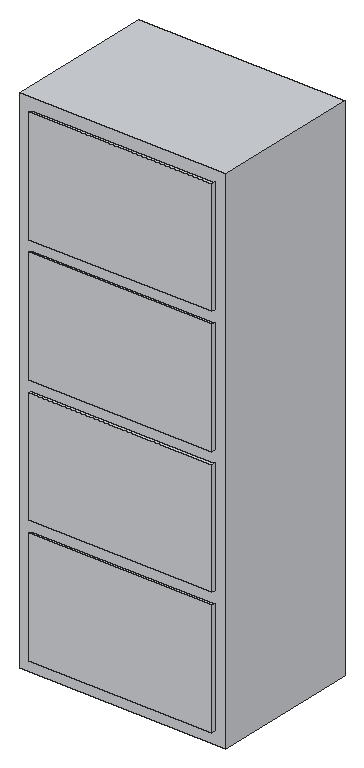
Revit family "727e68d9f73f4980b132cb2f49af2cb7", category Electrical Equipment, Revit 2021
Family settings
  Round Connector Dimension = Use Diameter
  Part Type = Switchboard
  OmniClass Number = 23.80.30.11.17
  OmniClass Title = Distribution Boards and Control Panels
  Seek Item ID = Transformer Switchboard-0000-USA-ENU
  Work Plane-Based = No
  Always vertical = Yes
  Cut with Voids When Loaded = No
  Shared = No
  Room Calculation Point = No
Parameters (values of type "36"x26.5"")
  Switchboard Width = 2' - 2 1/2"
  Switchboard Material = none
  Switchboard Length = 3' - 0"
  Switchboard Height = 7' - 6"
  built-in parameter 1140142 [instance] = -1
  Primary Voltage = 480 V
  Primary Number of Poles = 3
  Panel Length = Length 1 - 0' 4"  # 2' - 8"
  Panel Height = (Height 1 - 0' 10") / 4  # 1' - 8"
  built-in parameter 1155150 [instance] = (empty or 0)
  built-in parameter 1140140 [instance] = 1 (stored number, unit not read)
  Load Classification = Other
  Length 1 = if(Switchboard Length > 0' 6", Switchboard Length, 0' 6")  # 3' - 0"
  Height 1 = if(Switchboard Height > 1' 6", Switchboard Height, 1' 6")  # 7' - 6"
  Half Switchboard Length = 0.5 * Length 1  # 1' - 6"
  built-in parameter 1155100 [instance] = -1
  Default Elevation = 0' - 0"
Types (4): name | Switchboard Width | Switchboard Length | Panel Length | Length 1 | Half Switchboard Length
  (no name) | 2' - 2 1/2" | 3' - 0" | 2' - 8" | 3' - 0" | 1' - 6"
  36"x26.5" | 2' - 2 1/2" | 3' - 0" | 2' - 8" | 3' - 0" | 1' - 6"
  24"x24.5" | 2' - 0 1/2" | 2' - 0" | 1' - 8" | 2' - 0" | 1' - 0"
  30"x36.5" | 3' - 0 1/2" | 2' - 6" | 2' - 2" | 2' - 6" | 1' - 3"
Reference planes (in)
  plane 1 "Center (Front/Back)": y = 0
  plane 2: z = 0
  plane 3 "Center (Left/Right)": x = 0
  plane 4: y = -26.5
  plane 5: y = -26
  plane 6: x = 18
  plane 7: x = -18
  plane 8: x = 16
  plane 9: x = -16
  plane 10: z = 90
  plane 11: z = 88
  plane 12: z = 2
  plane 13: z = 66
  plane 14: z = 22
  plane 15: z = 24
  plane 16: z = 44
  plane 17: z = 46
  plane 18: z = 68
  plane 19: y = -13
Forms (in)
  Extrusion 1, solid, material <- "Switchboard Material"
    sketch origin (0, 0, 0) x (1, 0, 0) y (0, 1, 0)
      loop
        line (-18, 0) -> (-18, -26) -> (18, -26) -> (18, 0) -> (-18, 0)
    from 0 to 90
  Extrusion 2, solid, material <- "Switchboard Material"
    sketch origin (0, 0, 0) x (1, 0, 0) y (0, 0, 1)
      loop
        line (-16, 88) -> (-16, 68) -> (16, 68) -> (16, 88) -> (-16, 88)
      loop
        line (-16, 66) -> (-16, 46) -> (16, 46) -> (16, 66) -> (-16, 66)
      loop
        line (-16, 44) -> (-16, 24) -> (16, 24) -> (16, 44) -> (-16, 44)
      loop
        line (-16, 22) -> (-16, 2) -> (16, 2) -> (16, 22) -> (-16, 22)
    from 26 to 26.5
Dimensions and locks (in)
  "Switchboard Width": plane 1 "Center (Front/Back)" to plane 4
  locked: plane 5 to plane 4 at 0.5
  "Half Switchboard Length": plane 7 to plane 3 "Center (Left/Right)"
  "Half Switchboard Length": plane 3 "Center (Left/Right)" to plane 6
  locked: plane 7 to plane 9 at 2
  locked: plane 8 to plane 6 at 2
  "Switchboard Height": plane 10 to plane 2
  locked: plane 10 to plane 11 at 2
  locked: plane 12 to plane 2 at 2
  "Panel Height": plane 14 to plane 12
  locked: plane 15 to plane 14 at 2
  "Panel Height": plane 16 to plane 15
  locked: plane 17 to plane 16 at 2
  "Panel Height": plane 13 to plane 17
  locked: plane 18 to plane 13 at 2
  equal spacing: plane 1 "Center (Front/Back)", plane 19, plane 5
  aligned and locked: plane 7 to Extrusion 1 sketch curve
  aligned and locked: plane 1 "Center (Front/Back)" to Extrusion 1 sketch curve
  aligned and locked: plane 5 to Extrusion 1 sketch curve
  aligned and locked: Extrusion 1 sketch curve to plane 6
  aligned and locked: Extrusion 1 to plane 2
  aligned and locked: plane 10 to Extrusion 1
  aligned and locked: plane 9 to Extrusion 2 sketch curve  (x4)
  aligned and locked: Extrusion 2 sketch curve to plane 11
  aligned and locked: plane 18 to Extrusion 2 sketch curve
  aligned and locked: plane 8 to Extrusion 2 sketch curve  (x4)
  aligned and locked: Extrusion 2 sketch curve to plane 13
  aligned and locked: plane 17 to Extrusion 2 sketch curve
  aligned and locked: Extrusion 2 sketch curve to plane 16
  aligned and locked: plane 15 to Extrusion 2 sketch curve
  aligned and locked: Extrusion 2 sketch curve to plane 14
  aligned and locked: plane 12 to Extrusion 2 sketch curve
  aligned and locked: Extrusion 2 to plane 4
  aligned and locked: plane 5 to Extrusion 2
  aligned and locked: plane 3 "Center (Left/Right)" to nested 1
  aligned and locked: nested 1 to plane 19
Nested families (in)
  nested 1: "Switchboard Symbol" at (0, -13, 0), type "Switchboard Symbol", detail levels coarse+medium
Connectors (in)
  electrical at (0, -13, 90), driven by "Primary Number of Poles", driven by "Primary Voltage", driven by "Load Classification"
    settings: on Extrusion 1, index 1, voltage 480 V, apparent load 0 VA, apparent load phase1 0 VA, apparent load phase2 0 VA, apparent load phase3 0 VA, power factor 1, load classification "Other", number of poles 3, system type 31, power factor state 1, is connector primary yes, connector utility no, sub classification motor no, connector description ""
  cabletrayconduit at (0, -13, 90), diameter 24
    settings: on Extrusion 1, index 2, connector width 1' - 0", connector height 1' - 0", connector angle 0.00°, system type 32, placement type 1, profile type 0, connector reference index -1, is primary connector yes, connector utility param no, connector description ""
  cabletrayconduit at (-18, -13, 45), diameter 24
    settings: on Extrusion 1, index 3, connector width 1' - 0", connector height 1' - 0", connector angle 0.00°, system type 32, placement type 1, profile type 0, connector reference index -1, is primary connector no, connector utility param no, connector description ""
  cabletrayconduit at (18, -13, 45), diameter 24
    settings: on Extrusion 1, index 4, connector width 1' - 0", connector height 1' - 0", connector angle 0.00°, system type 32, placement type 1, profile type 0, connector reference index -1, is primary connector no, connector utility param no, connector description ""
  cabletrayconduit at (0, 0, 45), diameter 24
    settings: on Extrusion 1, index 5, connector width 1' - 0", connector height 1' - 0", connector angle 0.00°, system type 32, placement type 1, profile type 0, connector reference index -1, is primary connector no, connector utility param no, connector description ""
  cabletrayconduit at (0, -13, 0), diameter 24
    settings: on Extrusion 1, index 6, connector width 1' - 0", connector height 1' - 0", connector angle 0.00°, system type 32, placement type 1, profile type 0, connector reference index -1, is primary connector no, connector utility param no, connector description ""
Definition of nested family "Switchboard Symbol"
  Reference planes (in)
    plane 1: y = 0
    plane 2: x = 0
  Text (in)
    text "SB" at (-0.08686, 0.07572, 0)
